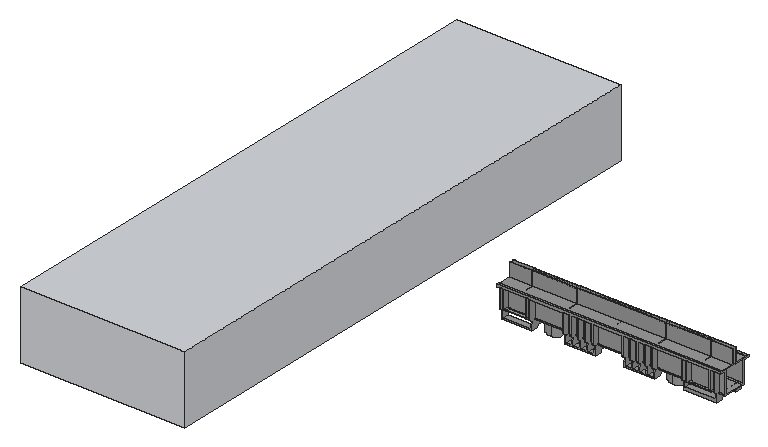
Revit family "PLASTIC CHANNEL BASE DN100 Slot Drain vertical outlet", category Оборудование, Revit 2019
Family settings
  Основа = Грань
  Размер круглого соединителя = Использовать диаметр
  Тип детали = Нормальный
  При загрузке вырезать с полостями = Нет
  Общий = Да
  Точка расчета площади = Нет
Parameters (values of type "Тип 1")
  Adapter [instance] = no
  Slot Drain [instance] = T-type H60-100 A15-C250 : 2097-1T-60-100 Stainless steel
  Height a Slot Drain (only for 2097-1T-60-100) [instance] = 60 mm
  no = No : No
  Trim size [instance] = 0 mm
  lattice1 [instance] = if(Slot Drain = A10, G10, if(Slot Drain = A11, G11, no))  # No : No
  lattice [instance] = if(Slot Drain = A01, G01, if(Slot Drain = A02, G02, if(Slot Drain = A03, G03, if(Slot Drain = A04, G04, if(Slot Drain = A05, G05, if(Slot Drain = A06, G06, if(Slot Drain = A07, G07, if(Slot Drain = A08, G08, if(Slot Drain = A09, G09, no)))))))))  # Slot Drain T-type H60-100 for Base DN100 Channel A15-C250 : 2097-1T-60-100
  bias = yes
  ZNr [instance] = and(kp = 0 mm, km = 0 mm, Cap right, or(Slot Drain = A01, Slot Drain = A02, Slot Drain = A03, Slot Drain = A04, Slot Drain = A05, Slot Drain = A06))  # no
  ZNl [instance] = and(np = 0 mm, nm = 0 mm, Cap left, or(Slot Drain = A01, Slot Drain = A02, Slot Drain = A03, Slot Drain = A04, Slot Drain = A05, Slot Drain = A06))  # no
  VP [instance] = and(Adapter, not(Cap right), CN = 8020, kp = 0 mm, km = 0 mm)  # no
  V1G [instance] = not(and(Trim size > 499 mm, Connection = Connection on the left))  # yes
  R2 = 5 mm
  R1 = 5 mm
  H2 = ADSK_Dimension_Height - 40 mm  # 100 mm
  H1 = if(bias, ADSK_Dimension_Height - 50 mm, ADSK_Dimension_Height - 40 mm)  # 90 mm
  G11 = Slot drain L-type H100 for channel Base DN100 plastic A15 : 2087-L-100
  G10 = Slot drain L-type H25 for channel Base DN100 plastic A15 : 2087-L-25
  G09 = Slot Drain T-type H60-100 for Base DN100 Channel A15-C250 : 2097-1T-60-100
  G08 = Slot Drain T-type H25 for Base DN100 Channel A15 : 2097-1T-25-40
  G07 = Slot Drain T-type H25 for Base DN100 Channel A15 : 2017-1T-25-40
  G06 = Slot Drain T-type H25 Base DN100 Channel A15 : 2097-1T-25
  G05 = Slot Drain T-type H25 Base DN100 Channel A15 : 2017-1T-25
  G04 = Slot Drain T-type H100 Base DN100 Channel A15-C250 : 2097-1T-100
  G03 = Slot Drain T-type H100 Base DN100 Channel A15-C250 : 2017-1T-100
  G02 = Slot Drain L-type H100 Base DN100 Channel A15-C250 : 2097-1L-100
  G01 = Slot Drain L-type H100 Base DN100 Channel A15-C250 : 2017-1L-100
  Connection on the right = TC : Right
  Connection on the left = TC : Left
  Connection [instance] = TC : Left
  Zr [instance] = and(kp = 0 mm, km = 0 mm, Cap right)  # no
  Zl [instance] = and(np = 0 mm, nm = 0 mm, Cap left)  # no
  Tray sinking [instance] = if(or(Slot Drain = A01, Slot Drain = A02, Slot Drain = A03, Slot Drain = A04, Slot Drain = A11), 100 mm, if(or(Slot Drain = A05, Slot Drain = A06, Slot Drain = A07, Slot Drain = A08, Slot Drain = A10), 25 mm, if([Height a Slot Drain (only for 2097-1T-60-100)] < 60 mm, 60 mm, if([Height a Slot Drain (only for 2097-1T-60-100)] > 100 mm, 100 mm, [Height a Slot Drain (only for 2097-1T-60-100)]))))  # 60 mm
  Cap_begin = if(or(CN = 80080, CN = 8050), Cap8050, if(CN = 8020, Cap8020, if(CN = 8010, Cap8010, if(or(CN = 80090, CN = 80100), Cap1, if(or(CN = 80170, CN = 80180, CN = 80190, CN = 80200), Cap3, Cap2)))))  # Plastic end cap Base DN100 : 630060
  Cap right [instance] = no
  Cap left [instance] = no
  Cap_end = if(CN = 8050, Cap8050, if(CN = 8020, Cap8020, if(CN = 8010, Cap8010, if(or(CN = 80080, CN = 80090), Cap1, if(or(CN = 80160, CN = 80170, CN = 80180, CN = 80190, CN = 80200), Cap3, Cap2)))))  # Plastic end cap Base DN100 : 630-1
  np2 [instance] = if(and(np > 501 mm, Connection = Connection on the right), np - 500 mm, 0 mm)  # 0 mm
  nm2 [instance] = if(and(nm > 501 mm, Connection = Connection on the right), nm - 500 mm, 0 mm)  # 0 mm
  kp2 [instance] = if(and(kp > 501 mm, Connection = Connection on the left), kp - 500 mm, 0 mm)  # 0 mm
  km2 [instance] = if(and(km > 501 mm, Connection = Connection on the left), km - 500 mm, 0 mm)  # 0 mm
  V2G [instance] = not(and(Trim size > 499 mm, Connection = Connection on the right))  # yes
  Группа модели = "Linear drainage"  # constant formula
  L_line [instance] = if(or(CN = 8000, Connection = Connection on the left), 220 mm, 768 mm)  # 220 mm
  CutUp [instance] = ADSK_Dimension_Height + Tray sinking  # 200 mm
  CutDown [instance] = -CutUp  # -200 mm
  Default Elevation = 0 mm
  np [instance] = if(or(Connection = Connection on the left, CN = 8000, CN = 8007), 0 mm, if(and(Trim angle > 0.00°, Trim size > 694 mm), 0 mm, if(Trim angle > 0.00°, if(Trim angle < MaxAngle, (tan(Trim angle) * ADSK_Dimension_Width), ADSK_Dimension_Width), 0 mm)) + L_trim)  # 0 mm
  nm [instance] = if(or(Connection = Connection on the left, CN = 8000, CN = 8007), 0 mm, if(Trim angle < -MaxAngle, ADSK_Dimension_Width, if(or(Trim angle < 0.00°, Trim angle < -MaxAngle), (-tan(Trim angle) * ADSK_Dimension_Width), 0 mm)) + L_trim)  # 0 mm
  kp [instance] = if(and(Connection = Connection on the right, not(CN = 8000), not(CN = 8007)), 0 mm, if(and(Trim angle > 0.00°, Trim size > 694 mm), 0 mm, if(Trim angle > 0.00°, if(Trim angle < MaxAngle, (tan(Trim angle) * ADSK_Dimension_Width), ADSK_Dimension_Width), 0 mm)) + L_trim)  # 0 mm
  km [instance] = if(and(Connection = Connection on the right, not(CN = 8000)), 0 mm, if(Trim angle < -MaxAngle, ADSK_Dimension_Width, if(or(Trim angle < 0.00°, Trim angle < -MaxAngle), (-tan(Trim angle) * ADSK_Dimension_Width), 0 mm)) + L_trim)  # 0 mm
  W2 = 156 mm  # constant formula
  W1 = 160 mm  # constant formula
  MaxAngle [instance] = 45.00°  # constant formula
  L_trim [instance] = if(Trim size > 600 mm, 600 mm, Trim size)  # 0 mm
  Trim angle [instance] = 0.00°
  CapS_end [instance] = if(Slot Drain = A01, CapS01, if(Slot Drain = A02, CapS05, if(Slot Drain = A03, CapS04, if(Slot Drain = A04, CapS08, if(Slot Drain = A05, CapS03, if(Slot Drain = A06, CapS07, no))))))  # No : No
  CapS_begin [instance] = if(Slot Drain = A01, CapS02, if(Slot Drain = A02, CapS06, if(Slot Drain = A03, CapS04, if(Slot Drain = A04, CapS08, if(Slot Drain = A05, CapS03, if(Slot Drain = A06, CapS07, no))))))  # No : No
  CapS08 = Endcap for Slot Drain Base DN100 : 6967-1T-100
  CapS07 = Endcap for Slot Drain Base DN100 : 6967-1T-25
  CapS06 = Endcap for Slot Drain Base DN100 : 6967-1L-100-R
  CapS05 = Endcap for Slot Drain Base DN100 : 6967-1L-100-L
  CapS04 = Endcap for Slot Drain Base DN100 : 6167-1T-100
  CapS03 = Endcap for Slot Drain Base DN100 : 6167-1T-25
  CapS02 = Endcap for Slot Drain Base DN100 : 6167-1L-100-R
  CapS01 = Endcap for Slot Drain Base DN100 : 6167-1L-100-L
  Cap8010 = Plastic end cap Base DN100 : 630080
  Cap3 = Plastic end cap Base DN100 : 630-3
  CN = 80080
  Cap8050 = Plastic end cap Base DN100 : 630060
  Cap8020 = Plastic end cap Base DN100 : 630120
  Cap2 = Plastic end cap Base DN100 : 630-2
  Cap1 = Plastic end cap Base DN100 : 630-1
  ADSK_Weight = 0
  ADSK_Unit = "pcs"  # constant formula
  ADSK_Sealant = 0
  ADSK_Product code = ""
  ADSK_Position [instance] = ""
  ADSK_Name = ""
  ADSK_Material_Name = "Plastic"  # constant formula
  ADSK_Manufacturer = "Vodaland"  # constant formula
  ADSK_Load class = "C250"  # constant formula
  ADSK_Dimension_Width = 160 mm  # constant formula
  ADSK_Dimension_Lenght = 1000 mm
  ADSK_Dimension_Height = 140 mm
  ADSK_Dimension_Diameter = 100 mm  # constant formula
  ADSK_Annotation [instance] = ""
  A11 = L-type H100 A15 : 2087-L-100 Plastic
  A10 = L-type H25 A15 : 2087-L-25 Plastic
  A09 = T-type H60-100 A15-C250 : 2097-1T-60-100 Stainless steel
  A08 = T-type H25 shifted A15 : 2097-1T-25-40 Stainless steel
  A07 = T-type H25 shifted A15 : 2017-1T-25-40 Galvanized Steel
  A06 = T-type H25 A15 : 2097-1T-25 Stainless steel
  A05 = T-type H25 A15 : 2017-1T-25 Galvanized Steel
  A04 = T-type H100 A15-C250 : 2097-1T-100 Stainless steel
  A03 = T-type H100 A15-C250 : 2017-1T-100 Galvanized Steel
  A02 = L-type H100 Base DN100 A15-C250 : 2097-1L-100 Stainless steel
  A01 = L-type H100 Base DN100 A15-C250 : 2017-1L-100 Galvanized Steel
Reference planes
  plane 1 "По центру (Вперед/Назад)": y = 0
  plane 2: z = 0
  plane 3 "По центру (Влево/Вправо)": x = 0
  plane 4: x = 1000
  plane 5: x = 750
  plane 6: x = 250
  plane 7: y = 80
  plane 8: y = -80
  plane 9: x = 500
  plane 10: z = -60
  plane 11 "Down": z = -200
Forms (mm)
  Extrusion 1, solid
    sketch origin (0, 0, 0) x (1, 0, 0) y (0, 1, 0)
      loop
        line (-1219.2, 1219.2) -> (-1219.2, -1219.2) -> (-485.164, -1219.2) -> (-485.164, 1219.2) -> (-1219.2, 1219.2)
    from 0 to -304.8
  Extrusion 2, void
    sketch origin (0, 0, 0) x (1, 0, 0) y (0, 1, 0)
      loop
        line (0, 80) -> (0, -80) -> (1000, -80) -> (1000, 80) -> (0, 80)
    from 0 to -200 <- "CutDown"
Lines and regions (mm)
  reference lines
    curve 1: line (220, 0, 0) -> (220, 0, -200)
Dimensions and locks
  equal spacing: plane 7, plane 1 "По центру (Вперед/Назад)", plane 8
  "ADSK_Dimension_Width": plane 7 to plane 8
  "ADSK_Dimension_Lenght": plane 3 "По центру (Влево/Вправо)" to plane 4
  equal spacing: plane 3 "По центру (Влево/Вправо)", plane 9, plane 4
  equal spacing: plane 9, plane 5, plane 4
  equal spacing: plane 3 "По центру (Влево/Вправо)", plane 6, plane 9
  "km": Extrusion 2 sketch curve to plane 4
  "np": plane 3 "По центру (Влево/Вправо)" to Extrusion 2 sketch curve
  "nm": plane 3 "По центру (Влево/Вправо)" to Extrusion 2 sketch curve
  "kp": Extrusion 2 sketch curve to plane 4
  "Tray sinking": plane 2 to plane 10
  "CutUp": plane 2 to plane 11 "Down"
  "L_line": curve 1 to plane 3 "По центру (Влево/Вправо)"
  aligned and locked: plane 2 to Extrusion 1
  aligned and locked: level to Extrusion 1
  aligned and locked: Extrusion 2 sketch curve to plane 7
  aligned and locked: plane 8 to Extrusion 2 sketch curve
  aligned and locked: plane 10 to nested 4
  aligned and locked: plane 10 to nested 6
  aligned and locked: plane 4 to nested 6
  aligned and locked: plane 3 "По центру (Влево/Вправо)" to nested 4
  aligned and locked: plane 2 to curve 1
  aligned and locked: plane 11 "Down" to curve 1
  aligned and locked: plane 1 "По центру (Вперед/Назад)" to nested 7
  aligned and locked: plane 4 to nested 7
  aligned and locked: plane 10 to nested 2
  aligned and locked: plane 10 to nested 7
Automatic sketch dimensions
  Extrusion 1 sketch curve to Extrusion 1 sketch curve = 734.036 mm
  Extrusion 1 sketch curve to Extrusion 1 sketch curve = 2438.4 mm
Nested families
  nested 1: "No" at (500, 0, 0), kp <- "kp", nm <- "nm", np <- "np", km <- "km", type "No"
    with Видимість решітки праворуч yes, Видимість решітки ліворуч yes, np 0 mm, nm 0 mm, kp 0 mm, km 0 mm, W1 0 mm, H 0 mm, ADSK_Розмір_Висота 0 mm
  nested 2: "Plastic channel Base DN100" at (500, 0, -60), km <- "km", kp <- "kp", nm <- "nm", np <- "np", H <- "ADSK_Dimension_Height", H1 <- "H1", H2 <- "H2", R1 <- "R1", R2 <- "R2", type "channel"
    with np 0 mm, nm 0 mm, kp 0 mm, km 0 mm, R2_2 10 mm, R2 5 mm, R1_2 10 mm, R1 5 mm, H2 100 mm, H1 90 mm, H 140 mm
  nested 3: "Slot Drain T-type H60-100 for Base DN100 Channel A15-C250" at (500, 0, 0), visible <- "V1G", type <- "lattice", km <- "km", kp <- "kp", nm <- "nm", np <- "np", ADSK_Dimension_Height <- "Tray sinking", type "2097-1T-60-100"
    with np 0 mm, nm 0 mm, kp 0 mm, km 0 mm, H 65 mm, ADSK_Position "", ADSK_Dimension_Height 60 mm, ADSK_Annotation ""
  nested 4: "Plastic end cap Base DN100" at (-2.5, 0, -60), visible <- "Zl", H <- "ADSK_Dimension_Height", type <- "Cap_begin", type "630060"
    with H 140 mm
  nested 5: "Sealant" at (-40, 540, 0), Sealant <- "ADSK_Sealant", type "Sealant"
  nested 6: "Plastic end cap Base DN100" at (997.5, 0, -60), visible <- "Zr", H <- "ADSK_Dimension_Height", type <- "Cap_end", type "630-1"
    with H 140 mm
  nested 7: "Plastic end cap-adapter Base DN100" at (997.5, 0, -60), visible <- "VP", type "6307.4"
    with H 120 mm
  nested 8: "No" at (1000, 0, 0), visible <- "ZNr", type <- "CapS_end", type "No"
  nested 9: "No" at (0, 0, 0) x (-1, 0, 0) z (0, 0, 1), visible <- "ZNl", type <- "CapS_begin", type "No"
  nested 10: "No" at (750, 0, 0), visible <- "V1G", km <- "km", kp <- "kp", nm <- "nm2", np <- "np2", type <- "lattice1", ADSK_Розмір_Висота <- "Tray sinking", type "No"
    with Видимість решітки праворуч yes, Видимість решітки ліворуч yes, np 0 mm, nm 0 mm, kp 0 mm, km 0 mm, W1 0 mm, H 0 mm, ADSK_Розмір_Висота 60 mm
  nested 11: "No" at (250, 0, 0), visible <- "V2G", km <- "km2", kp <- "kp2", nm <- "nm", np <- "np", type <- "lattice1", ADSK_Розмір_Висота <- "Tray sinking", type "No"
    with Видимість решітки праворуч yes, Видимість решітки ліворуч yes, np 0 mm, nm 0 mm, kp 0 mm, km 0 mm, W1 0 mm, H 0 mm, ADSK_Розмір_Висота 60 mm
Connectors
  piping at (220, 0, -200), diameter 110
    settings: on curve 1, index 1, connector inside diameter 609.6 mm, connector length 0 mm, flow factor 0, pipe flow 0.0 L/s, pressure drop 0.0 Pa, fitting loss kfactor 0, connector angle 0.00°, fixture units 0, engagement length 0 mm, angle of deflection 0.00°, flow configuration 0, flow direction 2, fitting loss method 0, system type 7, joint type 0, gender type 0, connector reference index -1, connector utility 0, adjustable connector no, is connector primary yes, connector description ""
Definition of nested family "Plastic channel Base DN100"
  Parameters (values of type "Лоток")
    np [instance] = 0 mm
    nm [instance] = 0 mm
    kp [instance] = 0 mm
    km [instance] = 0 mm
    US = no
    S = 156 mm  # constant formula
    Rl = 5 mm  # constant formula
    R2_2 [instance] = R2 + 5 mm  # 30 mm
    R2 [instance] = 25 mm
    R1_2 [instance] = R1 + 5 mm  # 30 mm
    R1 [instance] = 25 mm
    Material2 = none
    Material = none
    L = 1000 mm  # constant formula
    Hпос = 5 mm  # constant formula
    H2 [instance] = 110 mm
    H1 [instance] = 100 mm
    H [instance] = 140 mm
    DN = 100 mm  # constant formula
  Reference planes
    plane 1 "По центру (Вперед/Назад)": y = 0
    plane 2 "Up": z = 0
    plane 3 "По центру (Влево/Вправо)": x = 0
    plane 4 "Л": x = -500
    plane 5 "П": x = 500
    plane 6 "Down": z = -140
    plane 7: y = -78
    plane 8: y = 78
    plane 9: z = -5
    plane 10: y = -50
    plane 11: y = 50
    plane 12: z = -105
    plane 13: z = -115
    plane 14: y = 68
    plane 15: y = -68
    plane 16: x = -420
    plane 17: x = 400
    plane 18: z = -10
  Forms (mm)
    Blend 1, solid, material <- "Material", detail levels medium+fine
      base sketch origin (-500, 0, 0) x (0, 1, 0) y (0, 0, 1)
        loop
          line (78, 0) -> (69, 0) -> (69, -5) -> (1.659, -5) -> (-69, -5) -> (-69, 0) -> (-78, 0) -> (-78, -10) -> (-55, -10) -> (-55, -83)
          arc (-55, -83) -> (-47.678, -100.678) -> (-30, -108) r 25
          line (-30, -108) -> (0, -108) -> (30, -108)
          arc (30, -108) -> (47.678, -100.678) -> (55, -83) r 25
          line (55, -83) -> (55, -10) -> (78, -10) -> (78, 0)
      top sketch origin (-500, 0, 0) x (0, 1, 0) y (0, 0, 1)
        loop
          line (78, 0) -> (69, 0) -> (69, -5) -> (2.575, -5) -> (-69, -5) -> (-69, 0) -> (-78, 0) -> (-78, -10) -> (-55, -10) -> (-55, -93)
          arc (-55, -93) -> (-47.678, -110.678) -> (-30, -118) r 25
          line (-30, -118) -> (0.622, -118) -> (30, -118)
          arc (30, -118) -> (47.678, -110.678) -> (55, -93) r 25
          line (55, -93) -> (55, -10) -> (78, -10) -> (78, 0)
      from 0 to 1000 <- "L"
    Extrusion 2, solid, material <- "Material", detail levels medium+fine
      sketch origin (0, 0, -140) x (0, -1, 0) y (1, 0, 0)
        loop
          line (-78, -488) -> (78, -488) -> (78, -350.5) -> (-78, -350.5) -> (-78, -488)
        loop
          line (-78, -205.052) -> (78, -205.052) -> (78, -67.052) -> (-78, -67.052) -> (-78, -205.052)
        loop
          line (78, 199) -> (-78, 199) -> (-78, 61) -> (78, 61) -> (78, 199)
        loop
          line (-78, 327) -> (78, 327) -> (78, 475) -> (-78, 475) -> (-78, 327)
      from 0 to 135
    Blend 3, void, detail levels medium+fine
      base sketch origin (-500, 0, 0) x (0, 1, 0) y (0, 0, 1)
        loop
          line (50, -5) -> (-50, -5) -> (-50, -80)
          arc (-50, -80) -> (-42.678, -97.678) -> (-25, -105) r 25
          line (-25, -105) -> (25, -105)
          arc (25, -105) -> (42.678, -97.678) -> (50, -80) r 25
          line (50, -80) -> (50, -5)
      top sketch origin (-500, 0, 0) x (0, 1, 0) y (0, 0, 1)
        loop
          line (50, -5) -> (-50, -5) -> (-50, -90)
          arc (-50, -90) -> (-42.678, -107.678) -> (-25, -115) r 25
          line (-25, -115) -> (25, -115)
          arc (25, -115) -> (42.678, -107.678) -> (50, -90) r 25
          line (50, -90) -> (50, -5)
      from 0 to 1000
    Extrusion 4, void
      sketch origin (-500, 0, 0) x (0, 1, 0) y (0, 0, 1)
        loop
          arc (-68, -126.785) -> (-65.149, -114.132) -> (-74.36, -105) r 13.388
          arc (-74.36, -105) -> (-76.987, -103.205) -> (-78, -100.188) r 5
          line (-78, -100.188) -> (-78, 0) -> (-100.643, 0) -> (-100.643, -140) -> (-68, -140) -> (-68, -126.785)
        loop
          line (68, -126.785) -> (68, -140) -> (100.643, -140) -> (100.643, 0) -> (78, 0) -> (78, -100.188)
          arc (78, -100.188) -> (76.987, -103.205) -> (74.36, -105) r 5
          arc (74.36, -105) -> (65.149, -114.132) -> (68, -126.785) r 13.388
        loop
          arc (-30, -128) -> (-37.071, -130.929) -> (-40, -138) r 10
          line (-40, -138) -> (-40, -140) -> (40, -140) -> (40, -138)
          arc (40, -138) -> (37.071, -130.929) -> (30, -128) r 10
          line (30, -128) -> (-30, -128)
      from 0 to 1000 <- "L"
    Extrusion 5, solid, material <- "Material", detail levels medium+fine
      sketch origin (0, 0, -140) x (0, -1, 0) y (1, 0, 0)
        loop
          circle (0, -280) r 54.25
        loop
          circle (0, 267.5) r 54.25
      from 0 to 135
    Extrusion 6, void
      sketch origin (0, 0, -140) x (0, -1, 0) y (1, 0, 0)
        loop
          line (-78, 500) -> (78, 500) -> (78, 515) -> (-78, 515) -> (-78, 500)
      from -50 to 140
    Extrusion 7, void
      sketch origin (0, 0, -140) x (0, -1, 0) y (1, 0, 0)
        loop
          line (-78, -510) -> (78, -510) -> (78, -500) -> (-78, -500) -> (-78, -510)
      from -50 to 140
    Extrusion 8, void
      sketch origin (0, 0, 0) x (1, 0, 0) y (0, 0, 1)
        loop
          line (-199.693, -10) -> (-199.693, -135) -> (-172.193, -135) -> (-172.193, -10) -> (-199.693, -10)
        loop
          line (-166.693, -10) -> (-166.693, -135) -> (-139.193, -135) -> (-139.193, -10) -> (-166.693, -10)
        loop
          line (-133.693, -10) -> (-133.693, -135) -> (-106.193, -135) -> (-106.193, -10) -> (-133.693, -10)
        loop
          line (-100.693, -10) -> (-100.693, -135) -> (-73.193, -135) -> (-73.193, -10) -> (-100.693, -10)
        loop
          line (332, -134.014) -> (469.5, -134.014) -> (469.5, -10) -> (455.117, -10) -> (455.117, -85)
          arc (455.117, -85) -> (446.331, -106.213) -> (425.117, -115) r 30
          line (425.117, -115) -> (375, -115)
          arc (375, -115) -> (353.787, -106.213) -> (345, -85) r 30
          line (345, -85) -> (345, -10) -> (332, -10) -> (332, -134.014)
        loop
          line (193.302, -10) -> (165.802, -10) -> (165.802, -135) -> (193.302, -135) -> (193.302, -10)
        loop
          line (160.302, -10) -> (132.802, -10) -> (132.802, -135) -> (160.302, -135) -> (160.302, -10)
        loop
          line (127.302, -10) -> (99.802, -10) -> (99.802, -135) -> (127.302, -135) -> (127.302, -10)
        loop
          line (94.302, -10) -> (66.802, -10) -> (66.802, -135) -> (94.302, -135) -> (94.302, -10)
        loop
          line (-470, -10) -> (-470, -80)
          arc (-470, -80) -> (-462.678, -97.678) -> (-445, -105) r 25
          line (-445, -105) -> (-395, -105)
          arc (-395, -105) -> (-377.322, -97.678) -> (-370, -80) r 25
          line (-370, -80) -> (-370, -10) -> (-470, -10)
        loop
          line (-482.625, -134.014) -> (-355.5, -134.014) -> (-355.5, -10) -> (-365, -10) -> (-365, -80)
          arc (-365, -80) -> (-373.787, -101.213) -> (-395, -110) r 30
          line (-395, -110) -> (-445, -110)
          arc (-445, -110) -> (-466.213, -101.213) -> (-475, -80) r 30
          line (-475, -80) -> (-475, -10) -> (-482.625, -10) -> (-482.625, -134.014)
        loop
          line (350, -10) -> (350, -85.014)
          arc (350, -85.014) -> (357.322, -102.691) -> (375, -110.014) r 25
          line (375, -110.014) -> (425, -110.014)
          arc (425, -110.014) -> (442.678, -102.691) -> (450, -85.014) r 25
          line (450, -85.014) -> (450, -10) -> (350, -10)
      from -250 to 250
    Extrusion 9, solid, material <- "Material2", visible <- "US", detail levels medium+fine
      sketch origin (-500, 0, 0) x (0, 1, 0) y (0, 0, 1)
        loop
          line (-69, -5) -> (-50, -5) -> (-50, -10) -> (-49, -10) -> (-49, -4) -> (-68, -4) -> (-68, 0) -> (-69, 0) -> (-69, -5)
        loop
          line (69, -5) -> (69, 0) -> (68, 0) -> (68, -4) -> (49, -4) -> (49, -10) -> (50, -10) -> (50, -5) -> (69, -5)
      from 0 to 1000
    Extrusion 10, solid, detail levels coarse
      sketch origin (0, 0, -140) x (0, -1, 0) y (1, 0, 0)
        loop
          line (-78, -500) -> (78, -500) -> (78, 500) -> (-78, 500) -> (-78, -500)
      from 0 to 140
  Cuts and joins
    Blend 3, Extrusion 4, Extrusion 6, Extrusion 7 cuts Blend 1
    Blend 3, Extrusion 4, Extrusion 6, Extrusion 7, Extrusion 8 cuts Extrusion 2
    Blend 3, Extrusion 4, Extrusion 6, Extrusion 7 cuts Extrusion 5
    joined: Blend 1, Extrusion 2, Extrusion 5
    Extrusion 6, Extrusion 7 cuts Extrusion 9
    Extrusion 6, Extrusion 7 cuts Extrusion 10
  Lines and regions (mm)
    reference lines
      curve 1: line (500, -78, -140) -> (500, 78, -140)
      curve 2: line (-500, -78, -140) -> (-500, 78, -140)
  Dimensions and locks
    equal spacing: plane 4 "Л", plane 3 "По центру (Влево/Вправо)", plane 5 "П"
    "L": plane 4 "Л" to plane 5 "П"
    locked: Blend 1 sketch curve to Blend 1 sketch curve at 9  (x2)
    Blend 1 sketch curve to Blend 1 sketch curve = 9 mm  (x2)
    "S": plane 7 to plane 8
    equal spacing: plane 7, plane 1 "По центру (Вперед/Назад)", plane 8
    "Hпос": plane 2 "Up" to plane 9
    "DN": plane 10 to plane 11
    equal spacing: plane 10, plane 1 "По центру (Вперед/Назад)", plane 11
    "H2": plane 9 to plane 13
    "H1": plane 9 to plane 12
    plane 12 to Blend 1 sketch curve = 3 mm
    plane 13 to Blend 1 sketch curve = 3 mm
    locked: Extrusion 2 sketch curve to Extrusion 2 sketch curve at 137.5
    Extrusion 2 sketch curve to Extrusion 2 sketch curve = 148 mm
    Extrusion 2 sketch curve to Extrusion 2 sketch curve = 138 mm  (x2)
    equal spacing: plane 14, plane 1 "По центру (Вперед/Назад)", plane 15
    locked: plane 14 to plane 15 at 136
    Blend 1 sketch curve to plane 10 = 5 mm  (x2)
    plane 11 to Blend 1 sketch curve = 5 mm  (x2)
    Extrusion 2 sketch curve to plane 4 "Л" = 12 mm
    Extrusion 4 sketch curve to plane 11 = 10 mm
    plane 10 to Extrusion 4 sketch curve = 10 mm
    plane 4 "Л" to Extrusion 5 sketch curve = 220 mm
    Extrusion 5 sketch curve to plane 5 "П" = 232.5 mm
    "kp": curve 1 to plane 5 "П"
    "km": curve 1 to plane 5 "П"
    "np": plane 4 "Л" to curve 2
    "nm": plane 4 "Л" to curve 2
    locked: plane 5 "П" to Extrusion 6 sketch curve at 15
    locked: Extrusion 7 sketch curve to plane 4 "Л" at 10
    locked: plane 16 to plane 4 "Л" at 80
    locked: plane 5 "П" to plane 17 at 100
    equal spacing: Extrusion 8 sketch curve, plane 16, Extrusion 8 sketch curve
    "DN": Extrusion 8 sketch curve to Extrusion 8 sketch curve  (x2)
    plane 12 to Extrusion 8 sketch curve = 5 mm
    equal spacing: Extrusion 8 sketch curve, plane 17, Extrusion 8 sketch curve
    Extrusion 8 sketch curve to Extrusion 8 sketch curve = 5.117 mm
    locked: plane 9 to plane 18 at 5
    locked: cut or joined group of Blend 1, Extrusion 2, Blend 3, Extrusion 4, Extrusion 5, Extrusion 6, Extrusion 7, Extrusion 8 to Extrusion 8 sketch curve at 5
    cut or joined group of Blend 1, Extrusion 2, Blend 3, Extrusion 4, Extrusion 5, Extrusion 6, Extrusion 7, Extrusion 8 to Extrusion 8 sketch curve = 5 mm
    locked: cut or joined group of Blend 1, Extrusion 2, Blend 3, Extrusion 4, Extrusion 5, Extrusion 6, Extrusion 7, Extrusion 8 to cut or joined group of Blend 1, Extrusion 2, Blend 3, Extrusion 4, Extrusion 5, Extrusion 6, Extrusion 7, Extrusion 8 at 19.014
    locked: cut or joined group of Blend 1, Extrusion 2, Blend 3, Extrusion 4, Extrusion 5, Extrusion 6, Extrusion 7, Extrusion 8 to cut or joined group of Blend 1, Extrusion 2, Blend 3, Extrusion 4, Extrusion 5, Extrusion 6, Extrusion 7, Extrusion 8 at 4.986
    "H": plane 2 "Up" to plane 6 "Down"
    "R1": radius of Blend 3 sketch curve  (x2)
    "R2": radius of Blend 3 sketch curve  (x2)
    "R2": radius of Blend 1 sketch curve  (x2)
    "R1": radius of Blend 1 sketch curve  (x2)
    diameter of Extrusion 5 sketch curve = 108.5 mm  (x2)
    "Rl": radius of Extrusion 4 sketch curve  (x2)
    "R1": radius of Extrusion 8 sketch curve  (x2)
    "R1_2": radius of Extrusion 8 sketch curve  (x2)
    "R2": radius of Extrusion 8 sketch curve  (x2)
    "R2_2": radius of Extrusion 8 sketch curve  (x2)
    aligned and locked: level to plane 2 "Up"
    aligned and locked: Blend 1 sketch curve to level
    aligned and locked: Blend 1 sketch curve to plane 2 "Up"
    aligned and locked: plane 2 "Up" to Blend 1 sketch curve
    aligned and locked: Blend 1 sketch curve to plane 8
    aligned and locked: Blend 1 sketch curve to plane 7
    aligned and locked: plane 7 to Blend 1 sketch curve
    aligned and locked: plane 8 to Blend 1 sketch curve
    aligned and locked: Blend 1 sketch curve to plane 9  (x2)
    aligned and locked: plane 9 to Blend 1 sketch curve
    aligned and locked: plane 9 to Extrusion 2
    aligned and locked: Blend 3 sketch curve to plane 11  (x2)
    aligned and locked: Blend 3 sketch curve to plane 10  (x2)
    aligned and locked: Blend 3 sketch curve to plane 9  (x2)
    aligned and locked: plane 12 to Blend 3 sketch curve
    aligned and locked: plane 13 to Blend 3 sketch curve
    aligned and locked: Extrusion 2 sketch curve to plane 8  (x4)
    aligned and locked: plane 7 to Extrusion 2 sketch curve  (x4)
    aligned and locked: Extrusion 4 sketch curve to plane 15
    aligned and locked: Extrusion 4 sketch curve to plane 14
    aligned and locked: Extrusion 4 sketch curve to plane 6 "Down"
    aligned and locked: plane 6 "Down" to Extrusion 4 sketch curve  (x2)
    aligned and locked: plane 9 to Extrusion 5
    aligned and locked: Extrusion 4 sketch curve to plane 2 "Up"
    aligned and locked: plane 2 "Up" to Extrusion 4 sketch curve
    aligned and locked: Extrusion 4 sketch curve to plane 7
    aligned and locked: Extrusion 4 sketch curve to plane 8
    aligned and locked: Extrusion 6 sketch curve to curve 1
    aligned and locked: Extrusion 6 sketch curve to plane 8
    aligned and locked: plane 7 to Extrusion 6 sketch curve
    aligned and locked: Extrusion 7 sketch curve to curve 2
    aligned and locked: Extrusion 7 sketch curve to plane 8
    aligned and locked: plane 7 to Extrusion 7 sketch curve
    aligned and locked: plane 2 "Up" to Extrusion 6
    aligned and locked: plane 2 "Up" to Extrusion 7
    aligned and locked: Extrusion 8 sketch curve to plane 18  (x2)
    aligned and locked: plane 18 to Extrusion 8 sketch curve  (x4)
    aligned and locked: plane 13 to Extrusion 8 sketch curve
    aligned and locked: Blend 1 sketch curve to plane 18  (x2)
    aligned and locked: plane 18 to Blend 1 sketch curve  (x2)
    aligned and locked: Extrusion 10 sketch curve to plane 5 "П"
    aligned and locked: plane 4 "Л" to Extrusion 10 sketch curve
    aligned and locked: Extrusion 10 sketch curve to plane 8
    aligned and locked: plane 7 to Extrusion 10 sketch curve
    aligned and locked: Extrusion 10 to plane 6 "Down"
    aligned and locked: plane 2 "Up" to Extrusion 10
  Automatic sketch dimensions
    Extrusion 2 sketch curve to Extrusion 2 sketch curve = 145.448 mm
    plane 3 "По центру (Влево/Вправо)" to Extrusion 2 sketch curve = 61 mm
    Extrusion 2 sketch curve to plane 5 "П" = 25 mm
    plane 1 "По центру (Вперед/Назад)" to Extrusion 5 sketch curve = 0 mm  (x2)
    Extrusion 9 sketch curve to level = 0 mm  (x2)
    Extrusion 9 sketch curve to plane 9 = 0 mm  (x2)
    Extrusion 9 sketch curve to plane 15 = 0 mm
    Extrusion 9 sketch curve to plane 10 = 0 mm
    Extrusion 9 sketch curve to plane 11 = 0 mm
    Extrusion 9 sketch curve to plane 14 = 0 mm
    Extrusion 9 sketch curve to plane 15 = 1 mm
    Extrusion 9 sketch curve to plane 10 = 1 mm
    Extrusion 9 sketch curve to Extrusion 9 sketch curve = 1 mm
    plane 14 to Extrusion 9 sketch curve = 1 mm
    Extrusion 9 sketch curve to plane 9 = 5 mm  (x2)
    plane 9 to Extrusion 9 sketch curve = 1 mm  (x2)
    Blend 1 sketch curve to plane 1 "По центру (Вперед/Назад)" = 0 mm
    Blend 1 sketch curve to level = 0 mm
    Blend 1 sketch curve to plane 1 "По центру (Вперед/Назад)" = 1.659 mm
    Blend 1 sketch curve to plane 1 "По центру (Вперед/Назад)" = 0.622 mm
    Blend 1 sketch curve to plane 1 "По центру (Вперед/Назад)" = 2.575 mm
    Extrusion 4 sketch curve to plane 7 = 0 mm
    Extrusion 4 sketch curve to plane 12 = 0 mm  (x4)
    Extrusion 4 sketch curve to plane 8 = 0 mm
    Extrusion 4 sketch curve to plane 7 = 22.643 mm
    plane 6 "Down" to Extrusion 4 sketch curve = 2 mm  (x2)
    Extrusion 4 sketch curve to Extrusion 4 sketch curve = 10 mm
    plane 8 to Extrusion 4 sketch curve = 22.643 mm
    Extrusion 4 sketch curve to plane 13 = 11.785 mm  (x2)
    curve 1 to plane 8 = 0 mm
    curve 2 to plane 8 = 0 mm
    curve 2 to plane 7 = 0 mm
    curve 1 to plane 7 = 0 mm
    Extrusion 8 sketch curve to Extrusion 8 sketch curve = 0 mm  (x3)
    Extrusion 8 sketch curve to plane 18 = 0 mm  (x8)
    plane 6 "Down" to Extrusion 8 sketch curve = 5.986 mm  (x2)
    plane 4 "Л" to Extrusion 8 sketch curve = 17.375 mm
    plane 6 "Down" to Extrusion 8 sketch curve = 5 mm  (x8)
    Extrusion 8 sketch curve to Extrusion 8 sketch curve = 155.807 mm
    Extrusion 8 sketch curve to Extrusion 8 sketch curve = 27.5 mm  (x8)
    Extrusion 8 sketch curve to Extrusion 8 sketch curve = 5.5 mm  (x6)
    plane 3 "По центру (Влево/Вправо)" to Extrusion 8 sketch curve = 66.802 mm
    Extrusion 8 sketch curve to Extrusion 8 sketch curve = 5 mm
    Extrusion 8 sketch curve to Extrusion 8 sketch curve = 14.383 mm
    Extrusion 8 sketch curve to Extrusion 8 sketch curve = 4.986 mm
Definition of nested family "Slot Drain T-type H60-100 for Base DN100 Channel A15-C250"
  Parameters (values of type "2097-1T-60-100")
    np [instance] = 0 mm
    nm [instance] = 0 mm
    kp [instance] = 0 mm
    km [instance] = 0 mm
    W1 = 140 mm  # constant formula
    Model = "Linear drainage"  # constant formula
    Material = none
    L = 1000 mm
    H [instance] = ADSK_Dimension_Height + 5 mm  # 105 mm
    ADSK_Weight = 4.1
    ADSK_Unit = "pcs"  # constant formula
    ADSK_Product code = "2097-1T-60-100"
    ADSK_Position [instance] = ""
    ADSK_Name = "Stainless Steel Slot Drain T-type H60-100 for Base DN100 Channel A15-C250"
    ADSK_Material_Name = "Stainless Steel"
    ADSK_Manufacturer = "Vodaland"  # constant formula
    ADSK_Load class = "A15"  # constant formula
    ADSK_Dimension_Width = 136 mm  # constant formula
    ADSK_Dimension_Lenght = 998 mm
    ADSK_Dimension_Height [instance] = 100 mm
    ADSK_Annotation [instance] = ""
  Reference planes
    plane 1 "По центру (Вперед/Назад)": y = 0
    plane 2: z = 0
    plane 3 "По центру (Влево/Вправо)": x = 0
    plane 4: y = 68
    plane 5: y = -68
    plane 6: z = -105
    plane 7: x = -499
    plane 8: x = 499
    plane 9: x = 500
    plane 10: x = -500
    plane 11: x = -500
    plane 12: x = 500
    plane 13: x = -500
    plane 14: x = 500
    plane 15: y = 70
    plane 16: y = -70
  Forms (mm)
    Extrusion 1, solid, material <- "Material", detail levels medium+fine
      sketch origin (0, 0, 0) x (0, 1, 0) y (0, 0, 1)
        loop
          line (-68, -105) -> (68, -105) -> (68, -103) -> (8.5, -103) -> (8.5, 0) -> (-8.5, 0) -> (-8.5, -103) -> (-68, -103) -> (-68, -105)
      from -499 to 499
    Extrusion 2, void
      sketch origin (0, 0, 0) x (1, 0, 0) y (0, 1, 0)
        loop
          line (-499, 7.679) -> (-499, -7.679) -> (-401, -7.679) -> (-401, 7.679) -> (-499, 7.679)
        loop
          line (-1, 7.679) -> (-199, 7.679) -> (-199, -7.679) -> (-1, -7.679) -> (-1, 7.679)
        loop
          line (-201, 7.679) -> (-399, 7.679) -> (-399, -7.679) -> (-201, -7.679) -> (-201, 7.679)
        loop
          line (499, 7.679) -> (401, 7.679) -> (401, -7.679) -> (499, -7.679) -> (499, 7.679)
        loop
          line (1, 7.679) -> (1, -7.679) -> (199, -7.679) -> (199, 7.679) -> (1, 7.679)
        loop
          line (201, 7.679) -> (201, -7.679) -> (399, -7.679) -> (399, 7.679) -> (201, 7.679)
      from -200 to 100
    Extrusion 3, solid, material <- "Material", detail levels medium+fine
      sketch origin (0, 0, 0) x (1, 0, 0) y (0, 0, 1)
        loop
          line (-401, -105) -> (-401, -130) -> (-399, -130) -> (-399, -105) -> (-401, -105)
        loop
          line (-201, -105) -> (-201, -130) -> (-199, -130) -> (-199, -105) -> (-201, -105)
        loop
          line (-1, -105) -> (-1, -130) -> (1, -130) -> (1, -105) -> (-1, -105)
        loop
          line (401, -105) -> (399, -105) -> (399, -130) -> (401, -130) -> (401, -105)
        loop
          line (201, -105) -> (199, -105) -> (199, -130) -> (201, -130) -> (201, -105)
      from -47 to 47
    Extrusion 4, void
      sketch origin (0, 0, 0) x (1, 0, 0) y (0, 1, 0)
        loop
          line (-500, 70) -> (-685.805, 70) -> (-685.805, -70) -> (-500, -70) -> (-500, 70)
      from -200 to 100
    Extrusion 5, void
      sketch origin (0, 0, 0) x (1, 0, 0) y (0, 1, 0)
        loop
          line (500, 70) -> (500, -70) -> (734.759, -70) -> (734.759, 70) -> (500, 70)
      from -200 to 100
    Extrusion 6, solid, detail levels coarse
      sketch origin (0, 0, 0) x (1, 0, 0) y (0, 1, 0)
        loop
          line (-499, 68) -> (-499, -68) -> (499, -68) -> (499, 68) -> (-499, 68)
      from -105 to 0
  Cuts and joins
    Extrusion 2, Extrusion 4, Extrusion 5 cuts Extrusion 1
    Extrusion 4, Extrusion 5 cuts Extrusion 3
    Extrusion 4, Extrusion 5 cuts Extrusion 6
  Dimensions and locks
    equal spacing: plane 4, plane 1 "По центру (Вперед/Назад)", plane 5
    "ADSK_Dimension_Width": plane 4 to plane 5
    "H": plane 2 to plane 6
    Extrusion 1 sketch curve to Extrusion 1 sketch curve = 17 mm
    equal spacing: Extrusion 1 sketch curve, plane 1 "По центру (Вперед/Назад)", Extrusion 1 sketch curve
    equal spacing: plane 7, plane 3 "По центру (Влево/Вправо)", plane 8
    "ADSK_Dimension_Lenght": plane 7 to plane 8
    equal spacing: Extrusion 2 sketch curve, plane 1 "По центру (Вперед/Назад)", Extrusion 2 sketch curve
    Extrusion 2 sketch curve to Extrusion 2 sketch curve = 15.357 mm  (x3)
    equal spacing: plane 11, plane 3 "По центру (Влево/Вправо)", plane 12
    "L": plane 11 to plane 12
    equal spacing: plane 15, plane 1 "По центру (Вперед/Назад)", plane 16
    "W1": plane 15 to plane 16
    "np": plane 11 to plane 10
    "nm": plane 11 to plane 13
    "km": plane 9 to plane 12
    "kp": plane 14 to plane 12
    aligned and locked: level to plane 2
    aligned and locked: Extrusion 1 sketch curve to plane 5
    aligned and locked: plane 4 to Extrusion 1 sketch curve
    aligned and locked: Extrusion 1 sketch curve to plane 6
    aligned and locked: plane 8 to Extrusion 1
    aligned and locked: Extrusion 1 to plane 7
    aligned and locked: Extrusion 2 sketch curve to Extrusion 1
    aligned and locked: Extrusion 2 sketch curve to Extrusion 2 sketch curve  (x8)
    aligned and locked: cut or joined group of Extrusion 1, Extrusion 2, Extrusion 4, Extrusion 5 to Extrusion 3 sketch curve  (x2)
    aligned and locked: Extrusion 3 sketch curve to cut or joined group of Extrusion 1, Extrusion 2, Extrusion 4, Extrusion 5
    aligned and locked: Extrusion 4 sketch curve to plane 15
    aligned and locked: Extrusion 4 sketch curve to plane 16
    aligned and locked: plane 15 to Extrusion 5 sketch curve
    aligned and locked: plane 16 to Extrusion 5 sketch curve
    aligned and locked: plane 5 to Extrusion 6 sketch curve
    aligned and locked: Extrusion 6 sketch curve to plane 4
    aligned and locked: Extrusion 6 sketch curve to plane 8
    aligned and locked: plane 7 to Extrusion 6 sketch curve
    aligned and locked: Extrusion 6 to plane 6
    aligned and locked: plane 2 to Extrusion 6
  Automatic sketch dimensions
    Extrusion 1 sketch curve to level = 0 mm
    Extrusion 1 sketch curve to Extrusion 1 sketch curve = 2 mm  (x2)
    Extrusion 2 sketch curve to plane 8 = 0 mm
    plane 1 "По центру (Вперед/Назад)" to Extrusion 2 sketch curve = 7.679 mm  (x2)
    Extrusion 2 sketch curve to Extrusion 2 sketch curve = 98 mm
    Extrusion 2 sketch curve to Extrusion 2 sketch curve = 2 mm  (x4)
    Extrusion 2 sketch curve to Extrusion 2 sketch curve = 198 mm  (x2)
    Extrusion 2 sketch curve to plane 3 "По центру (Влево/Вправо)" = 1 mm
    plane 3 "По центру (Влево/Вправо)" to Extrusion 2 sketch curve = 1 mm
    Extrusion 2 sketch curve to plane 1 "По центру (Вперед/Назад)" = 7.679 mm
    Extrusion 2 sketch curve to plane 8 = 100 mm
    Extrusion 3 sketch curve to plane 6 = 0 mm  (x4)
    Extrusion 3 sketch curve to Extrusion 3 sketch curve = 198 mm  (x2)
    Extrusion 3 sketch curve to Extrusion 3 sketch curve = 2 mm  (x3)
    Extrusion 3 sketch curve to plane 3 "По центру (Влево/Вправо)" = 1 mm
    plane 3 "По центру (Влево/Вправо)" to Extrusion 3 sketch curve = 1 mm
    Extrusion 3 sketch curve to plane 8 = 100 mm
    Extrusion 3 sketch curve to plane 6 = 25 mm  (x5)
    Extrusion 4 sketch curve to plane 10 = 0 mm
    Extrusion 4 sketch curve to plane 13 = 0 mm
    Extrusion 4 sketch curve to plane 11 = 185.805 mm
    Extrusion 5 sketch curve to plane 14 = 0 mm
    Extrusion 5 sketch curve to plane 9 = 0 mm
    plane 12 to Extrusion 5 sketch curve = 234.759 mm
Definition of nested family "Plastic end cap Base DN100"
  Parameters (values of type "630-3")
    Model = "Linear drainage"  # constant formula
    S = 156 mm  # constant formula
    R1 = 49 mm
    Material = none
    L = 5 mm  # constant formula
    Hпос = 5 mm
    H [instance] = 110 mm
    DN = 100 mm  # constant formula
    ADSK_Weight = 0.05  # constant formula
    ADSK_Unit = "pcs"  # constant formula
    ADSK_Product code = "630-3"
    ADSK_Position [instance] = ""
    ADSK_Name = "Plastic end cap for slope 9-14 and standard H200 plastic channel Base DN100"
    ADSK_Material_Name = "Plastic"  # constant formula
    ADSK_Manufacturer = "Vodaland"  # constant formula
    ADSK_Annotation [instance] = ""
  Types (6, lengths in mm): name | R1 | H | ADSK_Product code | ADSK_Name
    630120 | 49 | 110 | "630120" | "Plastic end cap for plastic channel Base DN100 H120"
    630060 | 5 | 100 | "630060" | "Plastic end cap for plastic channel Base DN100 H60"
    630-1 | 25 | 100 | "630-1" | "Plastic end cap for slope 1-3 plastic channel Base DN100"
    630-2 | 49 | 110 | "630-2" | "Plastic end cap for slope 3-9 and standard H100, H150 plastic channel Base DN100"
    630080 | 5 | 100 | "630080" | "Plastic end cap for plastic channel Base DN100 H80"
    630-3 | 49 | 110 | "630-3" | "Plastic end cap for slope 9-14 and standard H200 plastic channel Base DN100"
  Reference planes
    plane 1 "По центру (Вперед/Назад)": y = 0
    plane 2: z = 0
    plane 3 "По центру (Влево/Вправо)": x = 0
    plane 4 "Л": x = 2.5
    plane 5 "П": x = 5
    plane 6: y = -78
    plane 7: y = 78
    plane 8: z = -110
    plane 9: z = -20
    plane 10: z = -85
  Forms (mm)
    Extrusion 1, solid, material <- "Material", detail levels medium+fine
      sketch origin (2.5, 0, 0) x (0, 1, 0) y (0, 0, 1)
        loop
          line (-78, 0) -> (-78, -20) -> (-55, -20) -> (-55, -36)
          arc (-55, -36) -> (-40.648, -70.648) -> (-6, -85) r 49
          line (-6, -85) -> (6, -85)
          arc (6, -85) -> (40.648, -70.648) -> (55, -36) r 49
          line (55, -36) -> (55, -20) -> (78, -20) -> (78, 0) -> (-78, 0)
      from -2.5 to 2.5
  Dimensions and locks
    equal spacing: plane 3 "По центру (Влево/Вправо)", plane 4 "Л", plane 5 "П"
    "S": plane 6 to plane 7
    equal spacing: plane 6, plane 1 "По центру (Вперед/Назад)", plane 7
    locked: Extrusion 1 sketch curve to Extrusion 1 sketch curve at 23
    locked: Extrusion 1 sketch curve to plane 7 at 23
    "L": plane 3 "По центру (Влево/Вправо)" to plane 5 "П"
    "H": plane 2 to plane 8
    locked: plane 2 to plane 9 at 20
    locked: plane 10 to plane 8 at 25
    "R1": radius of Extrusion 1 sketch curve  (x2)
    aligned and locked: level to plane 2
    aligned and locked: Extrusion 1 sketch curve to plane 6
    aligned and locked: Extrusion 1 sketch curve to plane 7
    aligned and locked: Extrusion 1 sketch curve to plane 2
    aligned and locked: Extrusion 1 sketch curve to plane 9
    aligned and locked: plane 9 to Extrusion 1 sketch curve
    aligned and locked: Extrusion 1 to plane 3 "По центру (Влево/Вправо)"
    aligned and locked: plane 5 "П" to Extrusion 1
    aligned and locked: Extrusion 1 sketch curve to plane 10
Definition of nested family "Plastic end cap-adapter Base DN100"
  Parameters (values of type "6307.4")
    Model = "Linear drainage"  # constant formula
    S = 113 mm  # constant formula
    R2 = R1 + 5 mm  # 54 mm
    R1 = 49 mm
    Material = none
    L = 5 mm  # constant formula
    Hпос = 5 mm
    H [instance] = 120 mm
    DN = 100 mm  # constant formula
    ADSK_Weight = 0.015
    ADSK_Unit = "pcs"  # constant formula
    ADSK_Product code = "6307.4"
    ADSK_Position [instance] = ""
    ADSK_Name = "Plastic end cap-adapter for cascade of plastic channel Base DN100 H120-H150"
    ADSK_Material_Name = "Plastic"  # constant formula
    ADSK_Manufacturer = "Vodaland"  # constant formula
    ADSK_Annotation [instance] = ""
  Reference planes
    plane 1 "По центру (Вперед/Назад)": y = 0
    plane 2: z = 0
    plane 3 "По центру (Влево/Вправо)": x = 0
    plane 4 "Л": x = 2.5
    plane 5 "П": x = 5
    plane 6: y = -56.5
    plane 7: y = 56.5
    plane 8: z = -135
    plane 9: z = -45
    plane 10: z = -102
  Forms (mm)
    Extrusion 1, solid, material <- "Material", detail levels medium+fine
      sketch origin (2.5, 0, 0) x (0, 1, 0) y (0, 0, 1)
        loop
          line (-56.5, -45) -> (-56.5, -81)
          arc (-56.5, -81) -> (-40.684, -119.184) -> (-2.5, -135) r 54
          line (-2.5, -135) -> (0, -135) -> (2.5, -135)
          arc (2.5, -135) -> (40.684, -119.184) -> (56.5, -81) r 54
          line (56.5, -81) -> (56.5, -45) -> (52.3, -45) -> (52.3, -53)
          arc (52.3, -53) -> (37.948, -87.648) -> (3.3, -102) r 49
          line (3.3, -102) -> (-3.3, -102)
          arc (-3.3, -102) -> (-37.948, -87.648) -> (-52.3, -53) r 49
          line (-52.3, -53) -> (-52.3, -45) -> (-56.5, -45)
      from -2.5 to 2.5
  Dimensions and locks
    equal spacing: plane 3 "По центру (Влево/Вправо)", plane 4 "Л", plane 5 "П"
    "S": plane 6 to plane 7
    equal spacing: plane 6, plane 1 "По центру (Вперед/Назад)", plane 7
    "L": plane 3 "По центру (Влево/Вправо)" to plane 5 "П"
    locked: plane 10 to plane 8 at 33
    locked: plane 9 to plane 8 at 90
    plane 2 to plane 9 = 45 mm
    "R1": radius of Extrusion 1 sketch curve  (x2)
    "R2": radius of Extrusion 1 sketch curve  (x2)
    aligned and locked: level to plane 2
    aligned and locked: Extrusion 1 sketch curve to plane 9
    aligned and locked: plane 9 to Extrusion 1 sketch curve
    aligned and locked: Extrusion 1 to plane 3 "По центру (Влево/Вправо)"
    aligned and locked: plane 5 "П" to Extrusion 1
    aligned and locked: Extrusion 1 sketch curve to plane 10
    aligned and locked: Extrusion 1 sketch curve to plane 6
    aligned and locked: Extrusion 1 sketch curve to plane 7
  Automatic sketch dimensions
    Extrusion 1 sketch curve to plane 9 = 0 mm
    Extrusion 1 sketch curve to plane 1 "По центру (Вперед/Назад)" = 0 mm
    Extrusion 1 sketch curve to plane 8 = 0 mm
    Extrusion 1 sketch curve to Extrusion 1 sketch curve = 4.2 mm
    plane 1 "По центру (Вперед/Назад)" to Extrusion 1 sketch curve = 3.3 mm
    Extrusion 1 sketch curve to plane 1 "По центру (Вперед/Назад)" = 3.3 mm
Definition of nested family "No"
  Parameters (values of type "ні")
    Видимість решітки праворуч [instance] = yes
    Видимість решітки ліворуч [instance] = yes
    np [instance] = 0 mm
    nm [instance] = 0 mm
    kp [instance] = 0 mm
    km [instance] = 0 mm
    W1 [instance] = 0 mm
    H [instance] = 0 mm
    ADSK_Розмір_Висота [instance] = 0 mm
  Reference planes
    plane 1 "По центру (Вперед/Назад)": y = 0
    plane 2: z = 0
    plane 3 "По центру (Влево/Вправо)": x = 0
    plane 4: x = 249
    plane 5: x = -249
  Dimensions and locks
    equal spacing: plane 5, plane 3 "По центру (Влево/Вправо)", plane 4
    plane 5 to plane 4 = 498 mm
    aligned and locked: level to plane 2
Definition of nested family "Sealant"
  Parameters (values of type "Sealant")
    Sealant [instance] = 0
    Model = "Linear drainage"  # constant formula
    ADSK_Weight = 0
    ADSK_Unit = "ml"  # constant formula
    ADSK_Sealant [instance] = 0
    ADSK_Product code = "335145"
    ADSK_Name = "Sealant Vodaland"
    ADSK_Material_Name = ""
    ADSK_Manufacturer = "Vodaland"  # constant formula
    ADSK_Annotation = ""
  Reference planes
    plane 1 "По центру (Вперед/Назад)": y = 0
    plane 2: z = 0
    plane 3 "По центру (Влево/Вправо)": x = 0
    plane 4: y = 68
    plane 5: y = -68
    plane 6: x = 249
    plane 7: x = -249
    plane 8: z = -5
  Dimensions and locks
    equal spacing: plane 7, plane 3 "По центру (Влево/Вправо)", plane 6
    plane 7 to plane 6 = 498 mm
    equal spacing: plane 4, plane 1 "По центру (Вперед/Назад)", plane 5
    plane 4 to plane 5 = 136 mm
    locked: level to plane 8 at 5
    aligned and locked: level to plane 2
Types in the file's own list only (38): name | no | bias | R2 | R1 | H2 | H1 | Cap_begin | Cap_end | Отметка по умолчанию | W2 | W1 | CN | ADSK_Weight | ADSK_Sealant | ADSK_Product code | ADSK_Name | ADSK_Dimension_Width | ADSK_Dimension_Lenght | ADSK_Dimension_Height | ADSK_Dimension_Diameter
  80060 | No | Нет | 5 мм | 5 мм | 20 мм | 20 мм | Plastic end cap Base DN100 : 630060 | Plastic end cap Base DN100 : 630060 | 0 мм | 156 мм | 160 мм | 8050 | 1.2 | 10 | "80060" | "Plastic channel Base DN100 H60" | 160 мм | 1000 мм | 60 мм | 100 мм
  80080-1 | No | Нет | 25 мм | 5 мм | 40 мм | 40 мм | Plastic end cap Base DN100 : 630060 | Plastic end cap Base DN100 : 630-1 | 0 мм | 156 мм | 160 мм | 80080 | 1.4 | 11 | "80080-1" | "Plastic slope channel Base DN100 H80 1" | 160 мм | 1000 мм | 80 мм | 100 мм
  80080 | No | Нет | 25 мм | 25 мм | 40 мм | 40 мм | Plastic end cap Base DN100 : 630080 | Plastic end cap Base DN100 : 630080 | 0 мм | 156 мм | 160 мм | 8010 | 1.2 | 11 | "80080" | "Plastic channel Base DN100 H80" | 160 мм | 1000 мм | 80 мм | 100 мм
  80090-2 | No | Нет | 25 мм | 25 мм | 50 мм | 50 мм | Plastic end cap Base DN100 : 630-1 | Plastic end cap Base DN100 : 630-1 | 0 мм | 156 мм | 160 мм | 80090 | 1.4 | 11 | "80090-2" | "Plastic slope channel Base DN100 H90 2" | 160 мм | 1000 мм | 90 мм | 100 мм
  80100-3 | No | Нет | 49 мм | 25 мм | 60 мм | 60 мм | Plastic end cap Base DN100 : 630-1 | Plastic end cap Base DN100 : 630-2 | 0 мм | 156 мм | 160 мм | 80100 | 1.5 | 12 | "80100-3" | "Plastic slope channel Base DN100 H100 3" | 160 мм | 1000 мм | 100 мм | 100 мм
  80100 | No | Нет | 49 мм | 49 мм | 60 мм | 60 мм | Plastic end cap Base DN100 : 630-1 | Plastic end cap Base DN100 : 630-2 | 0 мм | 156 мм | 160 мм | 80100 | 1.4 | 12 | "80100" | "Plastic channel Base DN100 H100" | 160 мм | 1000 мм | 100 мм | 100 мм
  80110-4 | No | Нет | 49 мм | 49 мм | 70 мм | 70 мм | Plastic end cap Base DN100 : 630-2 | Plastic end cap Base DN100 : 630-2 | 0 мм | 156 мм | 160 мм | 80110 | 1.7 | 12 | "80110-4" | "Plastic slope channel Base DN100 H110 4" | 160 мм | 1000 мм | 110 мм | 100 мм
  80120-5 | No | Нет | 49 мм | 49 мм | 80 мм | 80 мм | Plastic end cap Base DN100 : 630-2 | Plastic end cap Base DN100 : 630-2 | 0 мм | 156 мм | 160 мм | 80120 | 1.8 | 13 | "80120-5" | "Plastic slope channel Base DN100 H120 5" | 160 мм | 1000 мм | 120 мм | 100 мм
  80120 | No | Нет | 49 мм | 49 мм | 80 мм | 80 мм | Plastic end cap Base DN100 : 630120 | Plastic end cap Base DN100 : 630120 | 0 мм | 156 мм | 160 мм | 8020 | 1.8 | 13 | "80120" | "Plastic channel Base DN100 H120" | 160 мм | 1000 мм | 120 мм | 100 мм
  80130-6 | No | Нет | 49 мм | 49 мм | 90 мм | 90 мм | Plastic end cap Base DN100 : 630-2 | Plastic end cap Base DN100 : 630-2 | 0 мм | 156 мм | 160 мм | 80130 | 1.8 | 14 | "80130-6" | "Plastic slope channel Base DN100 H130 6" | 160 мм | 1000 мм | 130 мм | 100 мм
  80140-7 | No | Нет | 49 мм | 49 мм | 100 мм | 100 мм | Plastic end cap Base DN100 : 630-2 | Plastic end cap Base DN100 : 630-2 | 0 мм | 156 мм | 160 мм | 80140 | 1.9 | 14 | "80140-7" | "Plastic slope channel Base DN100 H140 7" | 160 мм | 1000 мм | 140 мм | 100 мм
  80150-8 | No | Нет | 49 мм | 49 мм | 110 мм | 110 мм | Plastic end cap Base DN100 : 630-2 | Plastic end cap Base DN100 : 630-2 | 0 мм | 156 мм | 160 мм | 80150 | 2 | 16 | "80150-8" | "Plastic slope channel Base DN100 H150 8" | 160 мм | 1000 мм | 150 мм | 100 мм
  80150 | No | Нет | 49 мм | 49 мм | 110 мм | 110 мм | Plastic end cap Base DN100 : 630-2 | Plastic end cap Base DN100 : 630-2 | 0 мм | 156 мм | 160 мм | 8000 | 2.1 | 16 | "80150" | "Plastic channel Base DN100 H150" | 160 мм | 1000 мм | 150 мм | 100 мм
  80160-9 | No | Нет | 49 мм | 49 мм | 120 мм | 120 мм | Plastic end cap Base DN100 : 630-2 | Plastic end cap Base DN100 : 630-3 | 0 мм | 156 мм | 160 мм | 80160 | 2.1 | 17 | "80160-9" | "Plastic slope channel Base DN100 H160 9" | 160 мм | 1000 мм | 160 мм | 100 мм
  80170-10 | No | Нет | 49 мм | 49 мм | 130 мм | 130 мм | Plastic end cap Base DN100 : 630-3 | Plastic end cap Base DN100 : 630-3 | 0 мм | 156 мм | 160 мм | 80170 | 2.2 | 18 | "80170-10" | "Plastic slope channel Base DN100 H170 10" | 160 мм | 1000 мм | 170 мм | 100 мм
  80180-11 | No | Нет | 49 мм | 49 мм | 140 мм | 140 мм | Plastic end cap Base DN100 : 630-3 | Plastic end cap Base DN100 : 630-3 | 0 мм | 156 мм | 160 мм | 80180 | 2.3 | 19 | "80180-11" | "Plastic slope channel Base DN100 H180 11" | 160 мм | 1000 мм | 180 мм | 100 мм
  80190-12 | No | Нет | 49 мм | 49 мм | 150 мм | 150 мм | Plastic end cap Base DN100 : 630-3 | Plastic end cap Base DN100 : 630-3 | 0 мм | 156 мм | 160 мм | 80190 | 2.4 | 20 | "80190-12" | "Plastic slope channel Base DN100 H190 12" | 160 мм | 1000 мм | 190 мм | 100 мм
  80200-13 | No | Нет | 49 мм | 49 мм | 160 мм | 160 мм | Plastic end cap Base DN100 : 630-3 | Plastic end cap Base DN100 : 630-3 | 0 мм | 156 мм | 160 мм | 80200 | 2.5 | 21 | "80200-13" | "Plastic slope channel Base DN100 H200 13" | 160 мм | 1000 мм | 200 мм | 100 мм
  80200 | No | Нет | 49 мм | 49 мм | 160 мм | 160 мм | Plastic end cap Base DN100 : 630-3 | Plastic end cap Base DN100 : 630-3 | 0 мм | 156 мм | 160 мм | 80200 | 2.5 | 21 | "80200" | "Plastic channel Base DN100 H200" | 160 мм | 1000 мм | 200 мм | 100 мм
  80067 | No | Нет | 5 мм | 5 мм | 20 мм | 20 мм | Plastic end cap Base DN100 : 630060 | Plastic end cap Base DN100 : 630060 | 0 мм | 156 мм | 160 мм | 8050 | 1.2 | 10 | "80067" | "Plastic channel Base DN100 H60 reinforced" | 160 мм | 1000 мм | 60 мм | 100 мм
  80087-1 | No | Нет | 25 мм | 5 мм | 40 мм | 40 мм | Plastic end cap Base DN100 : 630060 | Plastic end cap Base DN100 : 630-1 | 0 мм | 156 мм | 160 мм | 80080 | 1.4 | 11 | "80087-1" | "Plastic slope channel Base DN100 H80 1 reinforced" | 160 мм | 1000 мм | 80 мм | 100 мм
  80087 | No | Нет | 25 мм | 25 мм | 40 мм | 40 мм | Plastic end cap Base DN100 : 630080 | Plastic end cap Base DN100 : 630080 | 0 мм | 156 мм | 160 мм | 8010 | 1.2 | 11 | "80087" | "Plastic channel Base DN100 H80 reinforced" | 160 мм | 1000 мм | 80 мм | 100 мм
  80097-2 | No | Нет | 25 мм | 25 мм | 50 мм | 50 мм | Plastic end cap Base DN100 : 630-1 | Plastic end cap Base DN100 : 630-1 | 0 мм | 156 мм | 160 мм | 80090 | 1.4 | 11 | "80097-2" | "Plastic slope channel Base DN100 H90 2 reinforced" | 160 мм | 1000 мм | 90 мм | 100 мм
  80107-3 | No | Нет | 49 мм | 25 мм | 60 мм | 60 мм | Plastic end cap Base DN100 : 630-1 | Plastic end cap Base DN100 : 630-2 | 0 мм | 156 мм | 160 мм | 80100 | 1.5 | 12 | "80107-3" | "Plastic slope channel Base DN100 H100 3 reinforced" | 160 мм | 1000 мм | 100 мм | 100 мм
  80107 | No | Нет | 49 мм | 49 мм | 60 мм | 60 мм | Plastic end cap Base DN100 : 630-1 | Plastic end cap Base DN100 : 630-2 | 0 мм | 156 мм | 160 мм | 80100 | 1.4 | 12 | "80107" | "Plastic channel Base DN100 H100 reinforced" | 160 мм | 1000 мм | 100 мм | 100 мм
  80117-4 | No | Нет | 49 мм | 49 мм | 70 мм | 70 мм | Plastic end cap Base DN100 : 630-2 | Plastic end cap Base DN100 : 630-2 | 0 мм | 156 мм | 160 мм | 80110 | 1.7 | 12 | "80117-4" | "Plastic slope channel Base DN100 H110 4 reinforced" | 160 мм | 1000 мм | 110 мм | 100 мм
  80127-5 | No | Нет | 49 мм | 49 мм | 80 мм | 80 мм | Plastic end cap Base DN100 : 630-2 | Plastic end cap Base DN100 : 630-2 | 0 мм | 156 мм | 160 мм | 80120 | 1.8 | 13 | "80127-5" | "Plastic slope channel Base DN100 H120 5 reinforced" | 160 мм | 1000 мм | 120 мм | 100 мм
  80127 | No | Нет | 49 мм | 49 мм | 80 мм | 80 мм | Plastic end cap Base DN100 : 630120 | Plastic end cap Base DN100 : 630120 | 0 мм | 156 мм | 160 мм | 8020 | 1.8 | 13 | "80127" | "Plastic channel Base DN100 H120 reinforced" | 160 мм | 1000 мм | 120 мм | 100 мм
  80137-6 | No | Нет | 49 мм | 49 мм | 90 мм | 90 мм | Plastic end cap Base DN100 : 630-2 | Plastic end cap Base DN100 : 630-2 | 0 мм | 156 мм | 160 мм | 80130 | 1.8 | 14 | "80137-6" | "Plastic slope channel Base DN100 H130 6 reinforced" | 160 мм | 1000 мм | 130 мм | 100 мм
  80147-7 | No | Нет | 49 мм | 49 мм | 100 мм | 100 мм | Plastic end cap Base DN100 : 630-2 | Plastic end cap Base DN100 : 630-2 | 0 мм | 156 мм | 160 мм | 80140 | 1.9 | 14 | "80147-7" | "Plastic slope channel Base DN100 H140 7 reinforced" | 160 мм | 1000 мм | 140 мм | 100 мм
  80157-8 | No | Нет | 49 мм | 49 мм | 110 мм | 110 мм | Plastic end cap Base DN100 : 630-2 | Plastic end cap Base DN100 : 630-2 | 0 мм | 156 мм | 160 мм | 80150 | 2 | 16 | "80157-8" | "Plastic slope channel Base DN100 H150 8 reinforced" | 160 мм | 1000 мм | 150 мм | 100 мм
  80157 | No | Нет | 49 мм | 49 мм | 110 мм | 110 мм | Plastic end cap Base DN100 : 630-2 | Plastic end cap Base DN100 : 630-2 | 0 мм | 156 мм | 160 мм | 8000 | 2.1 | 16 | "80157" | "Plastic channel Base DN100 H150 reinforced" | 160 мм | 1000 мм | 150 мм | 100 мм
  80167-9 | No | Нет | 49 мм | 49 мм | 120 мм | 120 мм | Plastic end cap Base DN100 : 630-2 | Plastic end cap Base DN100 : 630-3 | 0 мм | 156 мм | 160 мм | 80160 | 2.1 | 17 | "80167-9" | "Plastic slope channel Base DN100 H160 9 reinforced" | 160 мм | 1000 мм | 160 мм | 100 мм
  80177-10 | No | Нет | 49 мм | 49 мм | 130 мм | 130 мм | Plastic end cap Base DN100 : 630-3 | Plastic end cap Base DN100 : 630-3 | 0 мм | 156 мм | 160 мм | 80170 | 2.2 | 18 | "80177-10" | "Plastic slope channel Base DN100 H170 10 reinforced" | 160 мм | 1000 мм | 170 мм | 100 мм
  80187-11 | No | Нет | 49 мм | 49 мм | 140 мм | 140 мм | Plastic end cap Base DN100 : 630-3 | Plastic end cap Base DN100 : 630-3 | 0 мм | 156 мм | 160 мм | 80180 | 2.3 | 19 | "80187-11" | "Plastic slope channel Base DN100 H180 11 reinforced" | 160 мм | 1000 мм | 180 мм | 100 мм
  80197-12 | No | Нет | 49 мм | 49 мм | 150 мм | 150 мм | Plastic end cap Base DN100 : 630-3 | Plastic end cap Base DN100 : 630-3 | 0 мм | 156 мм | 160 мм | 80190 | 2.4 | 20 | "80197-12" | "Plastic slope channel Base DN100 H190 12 reinforced" | 160 мм | 1000 мм | 190 мм | 100 мм
  80207-13 | No | Нет | 49 мм | 49 мм | 160 мм | 160 мм | Plastic end cap Base DN100 : 630-3 | Plastic end cap Base DN100 : 630-3 | 0 мм | 156 мм | 160 мм | 80200 | 2.5 | 21 | "80207-13" | "Plastic slope channel Base DN100 H200 13 reinforced" | 160 мм | 1000 мм | 200 мм | 100 мм
  80207 | No | Нет | 49 мм | 49 мм | 160 мм | 160 мм | Plastic end cap Base DN100 : 630-3 | Plastic end cap Base DN100 : 630-3 | 0 мм | 156 мм | 160 мм | 80200 | 2.5 | 21 | "80207" | "Plastic channel Base DN100 H200 reinforced" | 160 мм | 1000 мм | 200 мм | 100 мм
